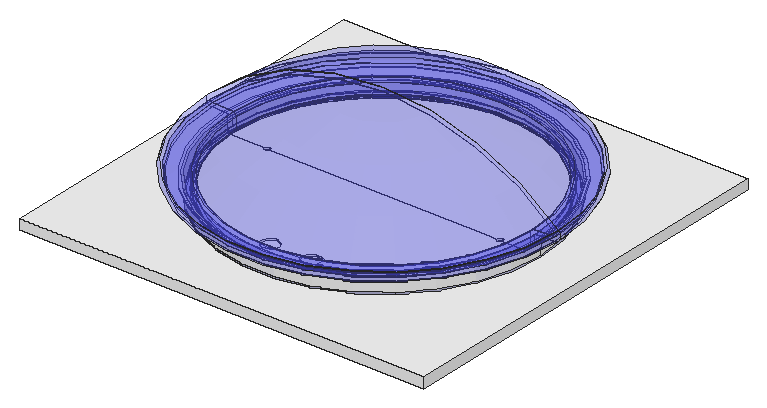
Revit family "BE_12139_de_DE", category Leuchten, Revit 2020
Family settings
  Basisbauteil = Fläche
  Bemaßung runder Anschluss = Durchmesser verwenden
  Teiletyp = Normal
  Beim Laden mit Abzugskörper schneiden = Ja
  Lichtquelle = Ja
  Gemeinsam genutzt = Nein
  Raumberechnungspunkt = Ja
Parameters (values of type "BEGA_12139_K3")
  built-in parameter 1150104 = 11.706 (stored number, unit not read)
  Wattage = 26.9 W
  Default Elevation = 0 mm
  built-in parameter 1150113 = 1 (stored number, unit not read)
  built-in parameter 1114218 = 1 (stored number, unit not read)
  Umgebungstemperatur = "25 °C"
  URL = "http://www.bega.de/de/produkt/12139"
  Typenkommentare = "© 2022 BEGA. Wir behalten uns das Recht vor, technische Änderungen ohne vorherige Ankündigung vorzunehmen."  # constant formula
  built-in parameter 1150134 = 12
  built-in parameter 1150109 = 1 (stored number, unit not read)
  Strom = ""
  built-in parameter 1150110 = 1 (stored number, unit not read)
  Spannung = 239.996 V
  Sonderanfertigung = no
  Seriennummer [instance] = "Hier können Sie die eindeutige Seriennummer für das Facility Management eintragen."
  Schutzklasse = "I"
  Schutzart = "IP 20"
  Scheinlast = 0 VA
  Produktdatenblatt = "http://www.bega.de/download/Xrfa/db/12139.db.de.pdf"
  Oberflächentemperatur = ""
  Neigungswinkel = 0.00°
  Model = "12139K4"
  Material_17 = BEGA_Reflektor
  Material_15 = BEGA_Leuchtmedium_matt
  Material_11 = BEGA_Glas_opal
  Material_09 = BEGA_Glas_klar
  Material_06 = BEGA_Oberfläche_Edelstahl_gebürstet
  Material_03 = BEGA_Oberfläche_Weiss_matt
  Material_02 = BEGA_Oberfläche_Silber_matt
  Material_01 [instance] = BEGA_Oberfläche_Grafit_matt
  M_W = no
  M_G = no
  M_A = no
  Logo = 0
  built-in parameter 1114217 = 1 (stored number, unit not read)
  built-in parameter 1150139 = (empty or 0)
  built-in parameter 1150105 = 269.72 (stored number, unit not read)
  built-in parameter 1150114 = 1 (stored number, unit not read)
  Lumens = 3389.4 lm
  built-in parameter 1150115 = 1 (stored number, unit not read)
  Leuchtenlichtstrom = "2215 lm"
  Leuchtenanzahl = ""
  Lebensdauerkriterien = "L70B50 @ 25 °C = 121000 h"
  Lastklassifizierung = Beleuchtung
  built-in parameter 1150112 = 1 (stored number, unit not read)
  Lampenlichtstrom = "3385 lm"
  Lamp = "LED 26.9 W"
  LED_Modulbezeichnung = "LED-0510/930"
  Hersteller = "BEGA"  # constant formula
  Halbstreuwinkel = ""
  Gewicht = "2.5 kg"
  Gebrauchslageneinschränkung [instance] = ""
  Frequenz = "0/50-60 Hz"
  Farbwiedergabeindex = "CRI > 90"
  Farbtemperaturverschiebung bei Dämpfen der Lampe = <Keine Auswahl>
  Farbtemperatur = "4000 K"
  Color Filter = 16777215
  built-in parameter 1150133 = 10 (stored number, unit not read)
  Energieeffizienzklasse = "LED A++ - A"
  built-in parameter 1150137 = (empty or 0)
  built-in parameter 1150132 = (empty or 0)
  ENEC = "ja"
  Dimmbar [instance] = ""
  Photometric Web File = "BE_12139K4.IES"
  CE_Konformität = "ja"
  Bestellnummer = "12139K4"
  Beschreibung_Sonderanfertigung = "Hier können Sie Informationen zur Sonderanfertigung eintragen."
  Beschreibung = "Decken- und Wandleuchte"
  built-in parameter 1150106 = 2.6972 (stored number, unit not read)
  Befestigungsbohrung = "Ø 5,5 mm"
  Befestigungsabstand = "230 mm"
  Ballwurfsicher = ""
  BEGA_Intern_aus = yes
  BEGA_Intern_an = yes
  BEGA_Intern_Konstruktion = yes
  BEGA_Intern = yes
  BEGA_IES = yes
  BEGA_Dummy = no
  Anschlussleitung = ""
  Anschlussleistung [instance] = "31.6 W"
  Anschlusskasten = ""
  built-in parameter 1150107 = 4000 (stored number, unit not read)
  built-in parameter 1150102 = (empty or 0)
  built-in parameter 1150138 = (empty or 0)
  Aktualisierung = "2019-11-20T04:00:14"
  Abstand_zur_angestrahlten_Fläche [instance] = ""
  AC/DC = "AC/DC"
Types (2, lengths in mm): name | built-in parameter 1150104 | Model | built-in parameter 1150105 | Lumens | Leuchtenlichtstrom | Lampenlichtstrom | LED_Modulbezeichnung | Farbtemperatur | Photometric Web File | Bestellnummer | built-in parameter 1150106 | built-in parameter 1150107
  BEGA_12139_K3 | 11.706 (stored number, unit not read) | "12139K3" | 269.72 (stored number, unit not read) | 3389.4 lm | "2598 lm" | "3970 lm" | "LED-0510/930" | "3000 K" | "BE_12139K3.IES" | "12139K3" | 2.6972 (stored number, unit not read) | 3000 (stored number, unit not read)
  BEGA_12139_K27 | 11.613 (stored number, unit not read) | "12139K27" | 267.58 (stored number, unit not read) | 3362.5 lm | "2516 lm" | "3845 lm" | "LED-0510/927" | "2700 K" | "BE_12139K27.IES" | "12139K27" | 2.6758 (stored number, unit not read) | 2000 (stored number, unit not read)
Reference planes
  plane 1 "Mitte (Vorne/Hinten)": y = 0
  plane 2: z = 0
  plane 3 "Mitte (Links/Rechts)": x = 0
  plane 4 "Links": x = -175.231
  plane 5 "Rechts": x = 175.231
  plane 6 "Unten": y = -175.2
  plane 7 "Oben": y = 175.2
  plane 8 "Vorne": z = 98.4
  plane 9 "Hinten": z = 0
Forms (mm)
  Extrusion 1, solid, material "BEGA_Platte_Weiss"
    sketch origin (0, -1119.2, 0) x (1, 0, 0) y (0, 1, 0)
      loop
        line (-200, 1319.2) -> (-200, 919.2) -> (200, 919.2) -> (200, 1319.2) -> (-200, 1319.2)
    from 0 to -10
  Extrusion 2, solid, material "BEGA_Dummy_matt", visible <- "BEGA_Dummy"
    sketch origin (-76.023, -77.149, 0) x (0, -1, 0) y (1, 0, 0)
      loop
        circle (-77.149, 76.023) r 175.221
    from 0 to 98.4
Dimensions and locks
  plane 1 "Mitte (Vorne/Hinten)" to Extrusion 1 = 200 mm
  aligned and locked: plane 2 to Extrusion 1
  aligned and locked: level to Extrusion 1
Nested families
  nested 1: "BE_12139" at (0, 0, 0) x (0, -1, 0) z (0, 0, 1), type "BE_12139"
Connectors
  electrical at (0, 0, 0), driven by "Lastklassifizierung", driven by "Spannung", driven by "Scheinlast"
    settings: index 1, voltage 239.996 V, apparent load 0 VA, apparent load phase1 0 VA, apparent load phase2 0 VA, apparent load phase3 0 VA, power factor 1, load classification "Beleuchtung", number of poles 1, system type 31, power factor state 1, is connector primary yes, connector utility no, sub classification motor no, connector description ""
Definition of nested family "BE_12139"
  Parameters (values of type "BE_12139")
    Default Elevation = 1 mm
    URL = "http://www.bega.de/de/produkt"
    Type Comments = "© 2015 BEGA. Wir behalten uns das Recht vor, technische Änderungen ohne vorherige Ankündigung vorzunehmen. "  # constant formula
    Type Image = (empty or 0)
    Neigungswinkel_um_Z2 = 0.00°
    Neigungswinkel_um_Z1 = 0.00°
    Neigungswinkel_um_Y2 = 0.00°
    Neigungswinkel_um_Y1 = 0.00°
    Neigungswinkel_um_X2 = 0.00°
    Neigungswinkel_um_X1 = 0.00°
    Material_17 = none
    Material_15 = none
    Material_11 = none
    Material_09 = none
    Material_06 = none
    Material_05 = none
    Material_03 = none
    Material_02 = none
    Material_01 = none
    M_W = yes
    M_G = yes
    M_A = yes
    Länge_Platte = 500 mm  # constant formula
    Höhe_Platte = -10 mm  # constant formula
    Manufacturer = "BEGA"  # constant formula
    Drehwinkel_um_Z2 = 0.00°
    Drehwinkel_um_Z1 = 0.00°
    Breite_Platte = 500 mm  # constant formula
  Reference planes
    plane 1 "Mitte (Oben/Unten)": y = 0
    plane 2: z = 0
    plane 3 "Mitte (Links/Rechts)": x = 0
    plane 4: y = 175.231
    plane 5: z = 98.4
    plane 6: y = -175.231
    plane 7: x = -175.2
    plane 8: x = 175.2
  Forms (mm)
    Extrusion 1, solid, detail levels medium
      sketch origin (0, 0, 0) x (1, 0, 0) y (0, 1, 0)
        loop
          line (-250, 250) -> (-250, -250) -> (250, -250) -> (250, 250) -> (-250, 250)
      from 0 to -10 <- "Höhe_Platte"
    Revolve 2, solid, material <- "Material_03", detail levels medium+fine
      sketch origin (0, 0, 0) x (0, 1, 0) y (0, 0, 1)
        loop
          line (159, 19.8) -> (159, 20.8) -> (156.831, 20.8)
          arc (156.831, 20.8) -> (155.563, 20.284) -> (155.024, 19.025) r 1.8
          line (155.024, 19.025) -> (154.767, 4.283)
          arc (154.767, 4.283) -> (154.468, 3.587) -> (153.767, 3.3) r 1
          line (153.767, 3.3) -> (0, 3.3) -> (0, 2.3) -> (153.767, 2.3)
          arc (153.767, 2.3) -> (155.169, 2.873) -> (155.767, 4.265) r 2
          line (155.767, 4.265) -> (156.024, 19.01)
          arc (156.024, 19.01) -> (156.264, 19.571) -> (156.829, 19.8) r 0.8
          line (156.829, 19.8) -> (159, 19.8)
        axis (0, 2.3) -> (0, 20.8)
      angle from 0 to 360
    Revolve 3, solid, material <- "Material_03", detail levels medium+fine
      sketch origin (0, 0, 0) x (0, 1, 0) y (0, 0, 1)
        loop
          arc (124.13, 1.943) -> (124.474, 2.206) -> (124.896, 2.3) r 1
          line (124.896, 2.3) -> (125.896, 3.3) -> (117.75, 3.3) -> (117.75, 0) -> (121.108, 0)
          arc (121.108, 0) -> (122.369, 0.281) -> (123.395, 1.067) r 3
          line (123.395, 1.067) -> (124.13, 1.943)
        axis (115, 3.3) -> (115, 0)
      angle from 0 to 360
    Revolve 4, solid, material <- "Material_03", detail levels medium+fine
      sketch origin (0, 0, 0) x (0, -1, 0) y (0, 0, 1)
        loop
          arc (124.13, 1.943) -> (124.474, 2.206) -> (124.896, 2.3) r 1
          line (124.896, 2.3) -> (125.896, 3.3) -> (117.75, 3.3) -> (117.75, 0) -> (121.108, 0)
          arc (121.108, 0) -> (122.369, 0.281) -> (123.395, 1.067) r 3
          line (123.395, 1.067) -> (124.13, 1.943)
        axis (115, 3.3) -> (115, 0)
      angle from 0 to 360
    Extrusion 5, void
      sketch origin (0, 0, 0) x (1, 0, 0) y (0, 1, 0)
        loop
          circle (115, 20) r 8.5
        loop
          circle (115, -20) r 8.5
        loop
          circle (0, 115) r 2.75
        loop
          circle (0, -115) r 2.75
      from 1.096 to 7.205
    Revolve 6, solid, material <- "Material_11", detail levels medium+fine
      sketch origin (0, 0, 0) x (0, 1, 0) y (0, 0, 1)
        loop
          line (153.75, 4.9) -> (153.75, 8.389)
          arc (153.75, 8.389) -> (153.616, 8.889) -> (153.25, 9.256) r 1
          line (153.25, 9.256) -> (149.499, 11.421)
          arc (149.499, 11.421) -> (149.133, 11.787) -> (149, 12.287) r 1
          line (149, 12.287) -> (149, 19.451)
          arc (149, 19.451) -> (149.277, 20.142) -> (149.956, 20.45) r 1
          line (149.956, 20.45) -> (169.559, 21.477)
          arc (169.559, 21.477) -> (174.894, 25.484) -> (173.228, 31.944) r 6
          arc (173.228, 31.944) -> (92.769, 81.216) -> (0, 98.4) r 258.999
          line (0, 98.4) -> (0, 94.4)
          arc (0, 94.4) -> (91.33, 77.483) -> (170.543, 28.978) r 255
          arc (170.543, 28.978) -> (171.123, 26.82) -> (169.341, 25.472) r 2
          line (169.341, 25.472) -> (148.791, 24.394)
          arc (148.791, 24.394) -> (146.425, 23.461) -> (145.1, 21.289) r 4
          line (145.1, 21.289) -> (145.1, 11.074)
          arc (145.1, 11.074) -> (145.5, 9.577) -> (146.592, 8.479) r 3.001
          line (146.592, 8.479) -> (148.263, 7.514)
          arc (148.263, 7.514) -> (149.358, 6.407) -> (149.75, 4.9) r 3.002
          line (149.75, 4.9) -> (153.75, 4.9)
        axis (0, 98.4) -> (0, 4.9)
      angle from 0 to 360
  Cuts and joins
    Extrusion 5 cuts Revolve 2
    Extrusion 5 cuts Revolve 3
    Extrusion 5 cuts Revolve 4
    joined: Revolve 2, Revolve 3, Revolve 4
  Dimensions and locks
    equal spacing: Extrusion 1 sketch curve, plane 3 "Mitte (Links/Rechts)", Extrusion 1 sketch curve
    equal spacing: Extrusion 1 sketch curve, plane 1 "Mitte (Oben/Unten)", Extrusion 1 sketch curve
    "Länge_Platte": Extrusion 1 sketch curve to Extrusion 1 sketch curve
    "Breite_Platte": Extrusion 1 sketch curve to Extrusion 1 sketch curve
    aligned and locked: Extrusion 1 to plane 2
    aligned and locked: level to Extrusion 1
  Automatic sketch dimensions
    Revolve 3 sketch curve to level = 0 mm
    level to Revolve 3 sketch curve = 3.3 mm
    Revolve 3 sketch curve to Revolve 3 sketch curve = 3.351 mm
    Revolve 3 sketch curve to Revolve 3 sketch curve = 0.007 mm
    level to Revolve 3 sketch curve = 1.067 mm
    Revolve 3 sketch curve to Revolve 3 sketch curve = 2.287 mm
    level to Revolve 3 sketch curve = 2.3 mm
    Revolve 3 sketch curve to Revolve 3 sketch curve = 1.501 mm
    Revolve 3 sketch curve to Revolve 3 sketch curve = 0 mm  (x2)
    Revolve 3 sketch curve to Revolve 3 sketch curve = 1 mm  (x2)
    Revolve 3 sketch curve to Revolve 3 sketch curve = 2.75 mm
    level to Revolve 3 sketch curve = 1.943 mm
    Revolve 3 sketch curve to Revolve 3 sketch curve = 0.766 mm
    Revolve 3 sketch curve to level = 2.001 mm
    Revolve 3 sketch curve to Revolve 3 sketch curve = 2 mm
    Revolve 4 sketch curve to level = 0 mm
    Revolve 4 sketch curve to level = 3.3 mm
    Revolve 4 sketch curve to Revolve 4 sketch curve = 3.351 mm
    Revolve 4 sketch curve to Revolve 4 sketch curve = 0.007 mm
    Revolve 4 sketch curve to level = 1.067 mm
    Revolve 4 sketch curve to Revolve 4 sketch curve = 2.287 mm
    Revolve 4 sketch curve to level = 2.3 mm
    Revolve 4 sketch curve to Revolve 4 sketch curve = 1.501 mm
    Revolve 4 sketch curve to Revolve 4 sketch curve = 0 mm  (x2)
    Revolve 4 sketch curve to Revolve 4 sketch curve = 1 mm  (x2)
    Revolve 4 sketch curve to Revolve 4 sketch curve = 2.75 mm
    Revolve 4 sketch curve to level = 1.943 mm
    Revolve 4 sketch curve to Revolve 4 sketch curve = 0.766 mm
    level to Revolve 4 sketch curve = 2.001 mm
    Revolve 4 sketch curve to Revolve 4 sketch curve = 2 mm
    Revolve 3 sketch curve to plane 1 "Mitte (Oben/Unten)" = 117.75 mm
    Revolve 4 sketch curve to plane 1 "Mitte (Oben/Unten)" = 117.75 mm
    Revolve 2 sketch curve to Revolve 2 sketch curve = 0 mm  (x11)
    Revolve 2 sketch curve to plane 1 "Mitte (Oben/Unten)" = 0 mm  (x2)
    level to Revolve 2 sketch curve = 4.3 mm
    level to Revolve 2 sketch curve = 4.283 mm
    Revolve 2 sketch curve to Revolve 2 sketch curve = 1 mm  (x4)
    Revolve 2 sketch curve to Revolve 2 sketch curve = 0.257 mm
    Revolve 2 sketch curve to Revolve 2 sketch curve = 0.8 mm
    Revolve 2 sketch curve to Revolve 2 sketch curve = 0.004 mm
    Revolve 2 sketch curve to Revolve 2 sketch curve = 0.002 mm
    Revolve 2 sketch curve to Revolve 2 sketch curve = 2.169 mm
    Revolve 2 sketch curve to Revolve 2 sketch curve = 14.717 mm
    Revolve 2 sketch curve to Revolve 2 sketch curve = 0.01 mm
    Revolve 2 sketch curve to Revolve 2 sketch curve = 0.015 mm
    level to Revolve 2 sketch curve = 4.265 mm
    Revolve 2 sketch curve to Revolve 2 sketch curve = 4 mm
    Revolve 6 sketch curve to Revolve 6 sketch curve = 0 mm  (x13)
    Revolve 6 sketch curve to plane 1 "Mitte (Oben/Unten)" = 0 mm  (x3)
    plane 1 "Mitte (Oben/Unten)" to Revolve 6 sketch curve = 0 mm
    level to Revolve 6 sketch curve = 8.479 mm
    Revolve 6 sketch curve to Revolve 6 sketch curve = 1.492 mm
    Revolve 6 sketch curve to Revolve 6 sketch curve = 0.156 mm
    Revolve 6 sketch curve to Revolve 6 sketch curve = 1.509 mm
    level to Revolve 6 sketch curve = 7.514 mm
    Revolve 6 sketch curve to Revolve 6 sketch curve = 1.671 mm
    Revolve 6 sketch curve to Revolve 6 sketch curve = 3.9 mm
    level to Revolve 6 sketch curve = 11.421 mm
    Revolve 6 sketch curve to Revolve 6 sketch curve = 1.397 mm
    Revolve 6 sketch curve to Revolve 6 sketch curve = 3.001 mm
    Revolve 6 sketch curve to Revolve 6 sketch curve = 0.956 mm
    Revolve 6 sketch curve to Revolve 6 sketch curve = 0.044 mm
    Revolve 6 sketch curve to Revolve 6 sketch curve = 0.501 mm
    Revolve 6 sketch curve to Revolve 6 sketch curve = 3.251 mm
    Revolve 6 sketch curve to Revolve 6 sketch curve = 1 mm
    Revolve 6 sketch curve to Revolve 6 sketch curve = 19.275 mm
    level to Revolve 6 sketch curve = 25.472 mm
    Revolve 6 sketch curve to Revolve 6 sketch curve = 0.11 mm
    level to Revolve 6 sketch curve = 21.477 mm
    Revolve 6 sketch curve to Revolve 6 sketch curve = 0.219 mm
    Revolve 6 sketch curve to Revolve 6 sketch curve = 2.591 mm
    Revolve 6 sketch curve to level = 160.599 mm
    Revolve 6 sketch curve to Revolve 6 sketch curve = 3.489 mm
    Revolve 6 sketch curve to Revolve 6 sketch curve = 0.348 mm
    Revolve 6 sketch curve to Revolve 6 sketch curve = 0.866 mm  (x2)
    Revolve 6 sketch curve to Revolve 6 sketch curve = 7.164 mm
    Revolve 6 sketch curve to Revolve 6 sketch curve = 0.949 mm
    Revolve 6 sketch curve to Revolve 6 sketch curve = 0.05 mm
    Revolve 6 sketch curve to Revolve 6 sketch curve = 0.889 mm
    Revolve 6 sketch curve to Revolve 6 sketch curve = 1.997 mm
    level to Revolve 6 sketch curve = 94.4 mm
    Revolve 6 sketch curve to Revolve 6 sketch curve = 4 mm
    Revolve 6 sketch curve to Revolve 6 sketch curve = 0.209 mm
    Revolve 6 sketch curve to Revolve 6 sketch curve = 0.499 mm
    Revolve 6 sketch curve to Revolve 6 sketch curve = 0.5 mm
    level to Revolve 6 sketch curve = 9.256 mm
    Revolve 6 sketch curve to Revolve 6 sketch curve = 0.07 mm
    Extrusion 5 sketch curve to plane 3 "Mitte (Links/Rechts)" = 0 mm  (x2)
    plane 1 "Mitte (Oben/Unten)" to Extrusion 5 sketch curve = 20 mm
    Extrusion 5 sketch curve to plane 1 "Mitte (Oben/Unten)" = 20 mm
    plane 3 "Mitte (Links/Rechts)" to Extrusion 5 sketch curve = 115 mm
    Extrusion 5 sketch curve to Extrusion 5 sketch curve = 0 mm
    Revolve 2 sketch curve to plane 1 "Mitte (Oben/Unten)" = 153.767 mm
    Extrusion 5 sketch curve to plane 1 "Mitte (Oben/Unten)" = 115 mm
    Revolve 6 sketch curve to plane 1 "Mitte (Oben/Unten)" = 145.1 mm
    plane 1 "Mitte (Oben/Unten)" to Extrusion 5 sketch curve = 115 mm
    Revolve 6 sketch curve to Revolve 6 sketch curve = 26.07 mm
    radius of Extrusion 5 sketch curve = 8.5 mm  (x2)
    radius of Extrusion 5 sketch curve = 2.75 mm  (x2)
